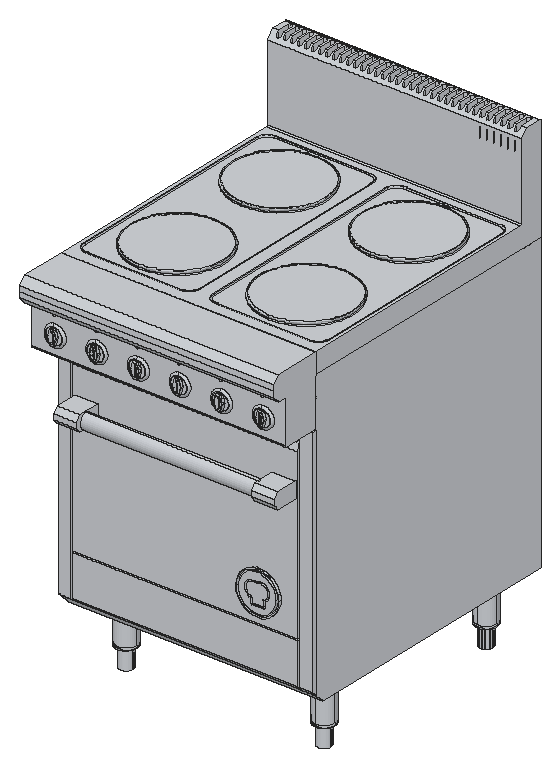
Revit family "1. PE4S20-X", category Generic Models, Revit 2024
Family settings
  Can host rebar = No
  Round Connector Dimension = Use Diameter
  Part Type = Normal
  Work Plane-Based = No
  Always vertical = Yes
  Cut with Voids When Loaded = No
  Maintain Annotation Orientation = No
  Shared = No
  Room Calculation Point = No
Parameters
  Qty = ""
  Item Numbers = ""
  Item Notes = "STATIC"
  Item Model = "PE4S20-X"
  Item Gas Services = ""
  Item Electrical Services = "13.5KW 3PH 400V/50HZ+N+PE"
  Item Description = "800 SERIES 505MM OVEN RANGE"
  Default Elevation = 0 mm
Reference planes
  plane 1 "Center (Front/Back)": y = 0
  plane 2: z = 0
  plane 3 "Center (Left/Right)": x = 0
Forms (mm)
  Extrusion 1, solid
    sketch origin (430, 343.653, 49.9) x (0, -1, 0) y (0, 0, 1)
      loop
        line (218.653, 816.479) -> (218.653, 866.479) -> (-397.847, 866.479)
        arc (-397.847, 866.479) -> (-399.969, 867.357) -> (-400.847, 869.479) r 3
        line (-400.847, 869.479) -> (-400.847, 1052.979) -> (-416.347, 1070.479) -> (-454.347, 1070.479)
        arc (-454.347, 1070.479) -> (-455.762, 1069.893) -> (-456.347, 1068.479) r 2
        line (-456.347, 1068.479) -> (-456.347, 816.479) -> (218.653, 816.479)
    from -180 to 430
  Extrusion 2, solid
    sketch origin (305, 437, 57) x (0, 1, 0) y (0, 0, 1)
      loop
        line (-312, 859.379) -> (-422, 859.379) -> (-437, 842.379) -> (-437, 829.379) -> (-437, 816.379) -> (-422, 799.379) -> (-402, 799.379) -> (-402, 696.879)
        arc (-402, 696.879) -> (-401.268, 695.111) -> (-399.5, 694.379) r 2.5
        line (-399.5, 694.379) -> (-312, 694.379) -> (-312, 859.379)
    from -305 to 305
  Extrusion 3, solid
    sketch origin (305, 399.1, -9) x (1, 0, 0) y (0, 1, 0)
      loop
        line (-305, -274.1) -> (305, -274.1) -> (305, 400.9) -> (-305, 400.9) -> (-305, -274.1)
    from 163.483 to 875.379
  Extrusion 4, solid
    sketch origin (150.456, 431.414, -49) x (1, 0, 0) y (0, 1, 0)
      loop
        circle (392.544, -196.414) r 25
    from 99 to 205.379
  Extrusion 5, solid
    sketch origin (459.544, 431.414, -49) x (-1, 0, 0) y (0, -1, 0)
      loop
        circle (392.544, 196.414) r 25
    from 99 to 205.379
  Extrusion 6, solid
    sketch origin (935.544, 431.414, -40) x (-1, 0, 0) y (0, -1, 0)
      loop
        circle (392.544, 196.414) r 16
    from 40 to 90
  Extrusion 7, solid
    sketch origin (150.456, 525.086, -49) x (1, 0, 0) y (0, 1, 0)
      loop
        circle (392.544, 196.414) r 25
    from 99 to 205.379
  Extrusion 8, solid
    sketch origin (459.544, 525.086, -49) x (-1, 0, 0) y (0, -1, 0)
      loop
        circle (392.544, -196.414) r 25
    from 99 to 205.379
  Extrusion 9, solid
    sketch origin (150.456, 431.414, -49) x (1, 0, 0) y (0, 1, 0)
      loop
        circle (392.544, -196.414) r 25
    from 99 to 205.379
  Extrusion 10, solid
    sketch origin (150.456, 431.414, -40) x (1, 0, 0) y (0, 1, 0)
      loop
        circle (392.544, -196.414) r 15
    from 40 to 90
  Extrusion 11, solid
    sketch origin (150.456, 525.086, -49) x (1, 0, 0) y (0, 1, 0)
      loop
        circle (392.544, 196.414) r 25
    from 99 to 205.379
  Sweep 12, solid
    path in 3D
      loop
        line (95, 115, 693.779) -> (40, 115, 693.779)
    profile origin (67.5, 115, 693.779) x (0, -1, 0) y (0, 0, 1)
      loop
        line (-10, -65.09) -> (-10, -102.969) -> (54.085, -102.969) -> (64, -90.575) -> (64, -77.969) -> (53.697, -65.09) -> (-10, -65.09)
  Sweep 13, solid
    path in 3D
      loop
        line (570, 125, 693.779) -> (515, 125, 693.779)
    profile origin (542.5, 125, 693.779) x (0, -1, 0) y (0, 0, 1)
      loop
        line (0, -65.09) -> (0, -102.969) -> (64.085, -102.969) -> (74, -90.575) -> (74, -77.969) -> (63.697, -65.09) -> (0, -65.09)
  Extrusion 14, solid
    sketch origin (40, 132.957, 693.779) x (0, 0, 1) y (0, 1, 0)
      loop
        line (-102.969, -55) -> (-102.969, -60)
        arc (-102.969, -60) -> (-83.592, -72.406) -> (-65.09, -58.729) r 20.284
        line (-65.09, -58.729) -> (-65.09, -53.515)
        arc (-65.09, -53.515) -> (-83.491, -67.995) -> (-102.969, -55) r 19.939
    from -475 to -55
  Extrusion 15, solid
    sketch origin (305, 455, -134) x (1, 0, 0) y (0, 0, 1)
      loop
        line (-270, 420.379) -> (-270, 310.379) -> (270, 310.379) -> (270, 420.379) -> (-270, 420.379)
    from 330 to 340
  Extrusion 16, solid
    sketch origin (280, 115, 3.5) x (1, 0, 0) y (0, 0, 1)
      loop
        circle (202.199, 355.419) r 45
      loop
        line (192.081, 329.86) -> (216.608, 329.86)
        arc (216.608, 329.86) -> (217.6, 337.59) -> (215.85, 345.185) r 22.133
        arc (215.85, 345.185) -> (225.471, 369.038) -> (200.286, 374.258) r 16.756
        arc (200.286, 374.258) -> (176.689, 363.78) -> (191.796, 342.842) r 16.627
        arc (191.796, 342.842) -> (190.899, 336.328) -> (192.081, 329.86) r 20.797
      loop
        arc (220.004, 324.86) -> (222.463, 333.521) -> (221.952, 342.51) r 27.133
        arc (221.952, 342.51) -> (229.4, 372.246) -> (199.719, 379.912) r 21.756
        arc (199.719, 379.912) -> (172.233, 366.311) -> (185.981, 338.898) r 21.627
        arc (185.981, 338.898) -> (186.405, 331.678) -> (188.815, 324.86) r 25.797
        line (188.815, 324.86) -> (220.004, 324.86)
      loop
        circle (202.199, 355.419) r 50
      loop
        circle (202.199, 355.419) r 52
    from 0 to 5
  Extrusion 17, solid
    sketch origin (5, 125, -9) x (1, 0, 0) y (0, 0, 1)
      loop
        line (-5, 755.379) -> (-5, 185.379) -> (25, 185.379) -> (25, 734.783) -> (575, 734.783) -> (575, 185.379) -> (605, 185.379) -> (605, 755.379) -> (-5, 755.379)
    from 0 to 10
  Extrusion 18, void
    sketch origin (610, 69.1, -9) x (0, -1, 0) y (0, 0, 1)
      loop
        line (-77.796, 163.483) -> (-55.9, 163.483) -> (-55.9, 185.379) -> (-77.796, 163.483)
    from 0 to 610
  Extrusion 19, void
    sketch origin (-1281.434, 396.114, 909.279) x (0, 1, 0) y (1, 0, 0)
      loop
        line (360.052, 1294.634) -> (390.483, 1294.634)
        arc (390.483, 1294.634) -> (396.483, 1300.634) -> (390.483, 1306.634) r 6
        line (390.483, 1306.634) -> (360.052, 1306.634)
        arc (360.052, 1306.634) -> (354.052, 1300.634) -> (360.052, 1294.634) r 6
      loop
        line (360.052, 1311.434) -> (390.483, 1311.434)
        arc (390.483, 1311.434) -> (396.483, 1317.434) -> (390.483, 1323.434) r 6
        line (390.483, 1323.434) -> (360.052, 1323.434)
        arc (360.052, 1323.434) -> (354.052, 1317.434) -> (360.052, 1311.434) r 6
      loop
        line (360.052, 1328.234) -> (390.483, 1328.234)
        arc (390.483, 1328.234) -> (396.483, 1334.234) -> (390.483, 1340.234) r 6
        line (390.483, 1340.234) -> (360.052, 1340.234)
        arc (360.052, 1340.234) -> (354.052, 1334.234) -> (360.052, 1328.234) r 6
      loop
        line (360.052, 1345.034) -> (390.483, 1345.034)
        arc (390.483, 1345.034) -> (396.483, 1351.034) -> (390.483, 1357.034) r 6
        line (390.483, 1357.034) -> (360.052, 1357.034)
        arc (360.052, 1357.034) -> (354.052, 1351.034) -> (360.052, 1345.034) r 6
      loop
        line (360.052, 1362.234) -> (390.483, 1362.234)
        arc (390.483, 1362.234) -> (396.483, 1368.234) -> (390.483, 1374.234) r 6
        line (390.483, 1374.234) -> (360.052, 1374.234)
        arc (360.052, 1374.234) -> (354.052, 1368.234) -> (360.052, 1362.234) r 6
      loop
        line (360.052, 1379.034) -> (390.483, 1379.034)
        arc (390.483, 1379.034) -> (396.483, 1385.034) -> (390.483, 1391.034) r 6
        line (390.483, 1391.034) -> (360.052, 1391.034)
        arc (360.052, 1391.034) -> (354.052, 1385.034) -> (360.052, 1379.034) r 6
      loop
        line (360.052, 1395.834) -> (390.483, 1395.834)
        arc (390.483, 1395.834) -> (396.483, 1401.834) -> (390.483, 1407.834) r 6
        line (390.483, 1407.834) -> (360.052, 1407.834)
        arc (360.052, 1407.834) -> (354.052, 1401.834) -> (360.052, 1395.834) r 6
      loop
        line (360.052, 1412.634) -> (390.483, 1412.634)
        arc (390.483, 1412.634) -> (396.483, 1418.634) -> (390.483, 1424.634) r 6
        line (390.483, 1424.634) -> (360.052, 1424.634)
        arc (360.052, 1424.634) -> (354.052, 1418.634) -> (360.052, 1412.634) r 6
      loop
        line (360.052, 1429.434) -> (390.483, 1429.434)
        arc (390.483, 1429.434) -> (396.483, 1435.434) -> (390.483, 1441.434) r 6
        line (390.483, 1441.434) -> (360.052, 1441.434)
        arc (360.052, 1441.434) -> (354.052, 1435.434) -> (360.052, 1429.434) r 6
      loop
        line (360.052, 1446.234) -> (390.483, 1446.234)
        arc (390.483, 1446.234) -> (396.483, 1452.234) -> (390.483, 1458.234) r 6
        line (390.483, 1458.234) -> (360.052, 1458.234)
        arc (360.052, 1458.234) -> (354.052, 1452.234) -> (360.052, 1446.234) r 6
      loop
        line (360.052, 1463.034) -> (390.483, 1463.034)
        arc (390.483, 1463.034) -> (396.483, 1469.034) -> (390.483, 1475.034) r 6
        line (390.483, 1475.034) -> (360.052, 1475.034)
        arc (360.052, 1475.034) -> (354.052, 1469.034) -> (360.052, 1463.034) r 6
      loop
        line (360.052, 1479.834) -> (390.483, 1479.834)
        arc (390.483, 1479.834) -> (396.483, 1485.834) -> (390.483, 1491.834) r 6
        line (390.483, 1491.834) -> (360.052, 1491.834)
        arc (360.052, 1491.834) -> (354.052, 1485.834) -> (360.052, 1479.834) r 6
      loop
        line (360.052, 1496.634) -> (390.483, 1496.634)
        arc (390.483, 1496.634) -> (396.483, 1502.634) -> (390.483, 1508.634) r 6
        line (390.483, 1508.634) -> (360.052, 1508.634)
        arc (360.052, 1508.634) -> (354.052, 1502.634) -> (360.052, 1496.634) r 6
      loop
        line (360.052, 1513.834) -> (390.483, 1513.834)
        arc (390.483, 1513.834) -> (396.483, 1519.834) -> (390.483, 1525.834) r 6
        line (390.483, 1525.834) -> (360.052, 1525.834)
        arc (360.052, 1525.834) -> (354.052, 1519.834) -> (360.052, 1513.834) r 6
      loop
        line (360.052, 1530.634) -> (390.483, 1530.634)
        arc (390.483, 1530.634) -> (396.483, 1536.634) -> (390.483, 1542.634) r 6
        line (390.483, 1542.634) -> (360.052, 1542.634)
        arc (360.052, 1542.634) -> (354.052, 1536.634) -> (360.052, 1530.634) r 6
      loop
        line (360.052, 1547.434) -> (390.483, 1547.434)
        arc (390.483, 1547.434) -> (396.483, 1553.434) -> (390.483, 1559.434) r 6
        line (390.483, 1559.434) -> (360.052, 1559.434)
        arc (360.052, 1559.434) -> (354.052, 1553.434) -> (360.052, 1547.434) r 6
      loop
        line (360.052, 1564.234) -> (390.483, 1564.234)
        arc (390.483, 1564.234) -> (396.483, 1570.234) -> (390.483, 1576.234) r 6
        line (390.483, 1576.234) -> (360.052, 1576.234)
        arc (360.052, 1576.234) -> (354.052, 1570.234) -> (360.052, 1564.234) r 6
      loop
        line (360.052, 1581.034) -> (390.483, 1581.034)
        arc (390.483, 1581.034) -> (396.483, 1587.034) -> (390.483, 1593.034) r 6
        line (390.483, 1593.034) -> (360.052, 1593.034)
        arc (360.052, 1593.034) -> (354.052, 1587.034) -> (360.052, 1581.034) r 6
      loop
        line (360.052, 1597.834) -> (390.483, 1597.834)
        arc (390.483, 1597.834) -> (396.483, 1603.834) -> (390.483, 1609.834) r 6
        line (390.483, 1609.834) -> (360.052, 1609.834)
        arc (360.052, 1609.834) -> (354.052, 1603.834) -> (360.052, 1597.834) r 6
      loop
        line (360.052, 1614.634) -> (390.483, 1614.634)
        arc (390.483, 1614.634) -> (396.483, 1620.634) -> (390.483, 1626.634) r 6
        line (390.483, 1626.634) -> (360.052, 1626.634)
        arc (360.052, 1626.634) -> (354.052, 1620.634) -> (360.052, 1614.634) r 6
      loop
        line (360.052, 1631.434) -> (390.483, 1631.434)
        arc (390.483, 1631.434) -> (396.483, 1637.434) -> (390.483, 1643.434) r 6
        line (390.483, 1643.434) -> (360.052, 1643.434)
        arc (360.052, 1643.434) -> (354.052, 1637.434) -> (360.052, 1631.434) r 6
      loop
        line (360.052, 1648.234) -> (390.483, 1648.234)
        arc (390.483, 1648.234) -> (396.483, 1654.234) -> (390.483, 1660.234) r 6
        line (390.483, 1660.234) -> (360.052, 1660.234)
        arc (360.052, 1660.234) -> (354.052, 1654.234) -> (360.052, 1648.234) r 6
      loop
        line (360.052, 1665.434) -> (390.483, 1665.434)
        arc (390.483, 1665.434) -> (396.483, 1671.434) -> (390.483, 1677.434) r 6
        line (390.483, 1677.434) -> (360.052, 1677.434)
        arc (360.052, 1677.434) -> (354.052, 1671.434) -> (360.052, 1665.434) r 6
      loop
        line (360.052, 1682.234) -> (390.483, 1682.234)
        arc (390.483, 1682.234) -> (396.483, 1688.234) -> (390.483, 1694.234) r 6
        line (390.483, 1694.234) -> (360.052, 1694.234)
        arc (360.052, 1694.234) -> (354.052, 1688.234) -> (360.052, 1682.234) r 6
      loop
        line (360.052, 1699.034) -> (390.483, 1699.034)
        arc (390.483, 1699.034) -> (396.483, 1705.034) -> (390.483, 1711.034) r 6
        line (390.483, 1711.034) -> (360.052, 1711.034)
        arc (360.052, 1711.034) -> (354.052, 1705.034) -> (360.052, 1699.034) r 6
      loop
        line (360.052, 1715.834) -> (390.483, 1715.834)
        arc (390.483, 1715.834) -> (396.483, 1721.834) -> (390.483, 1727.834) r 6
        line (390.483, 1727.834) -> (360.052, 1727.834)
        arc (360.052, 1727.834) -> (354.052, 1721.834) -> (360.052, 1715.834) r 6
      loop
        line (360.052, 1732.634) -> (390.483, 1732.634)
        arc (390.483, 1732.634) -> (396.483, 1738.634) -> (390.483, 1744.634) r 6
        line (390.483, 1744.634) -> (360.052, 1744.634)
        arc (360.052, 1744.634) -> (354.052, 1738.634) -> (360.052, 1732.634) r 6
      loop
        line (360.052, 1749.434) -> (390.483, 1749.434)
        arc (390.483, 1749.434) -> (396.483, 1755.434) -> (390.483, 1761.434) r 6
        line (390.483, 1761.434) -> (360.052, 1761.434)
        arc (360.052, 1761.434) -> (354.052, 1755.434) -> (360.052, 1749.434) r 6
      loop
        line (360.052, 1766.234) -> (390.483, 1766.234)
        arc (390.483, 1766.234) -> (396.483, 1772.234) -> (390.483, 1778.234) r 6
        line (390.483, 1778.234) -> (360.052, 1778.234)
        arc (360.052, 1778.234) -> (354.052, 1772.234) -> (360.052, 1766.234) r 6
      loop
        line (360.052, 1783.434) -> (390.483, 1783.434)
        arc (390.483, 1783.434) -> (396.483, 1789.434) -> (390.483, 1795.434) r 6
        line (390.483, 1795.434) -> (360.052, 1795.434)
        arc (360.052, 1795.434) -> (354.052, 1789.434) -> (360.052, 1783.434) r 6
      loop
        line (360.052, 1800.234) -> (390.483, 1800.234)
        arc (390.483, 1800.234) -> (396.483, 1806.234) -> (390.483, 1812.234) r 6
        line (390.483, 1812.234) -> (360.052, 1812.234)
        arc (360.052, 1812.234) -> (354.052, 1806.234) -> (360.052, 1800.234) r 6
      loop
        line (360.052, 1817.034) -> (390.483, 1817.034)
        arc (390.483, 1817.034) -> (396.483, 1823.034) -> (390.483, 1829.034) r 6
        line (390.483, 1829.034) -> (360.052, 1829.034)
        arc (360.052, 1829.034) -> (354.052, 1823.034) -> (360.052, 1817.034) r 6
      loop
        line (360.052, 1833.834) -> (390.483, 1833.834)
        arc (390.483, 1833.834) -> (396.483, 1839.834) -> (390.483, 1845.834) r 6
        line (390.483, 1845.834) -> (360.052, 1845.834)
        arc (360.052, 1845.834) -> (354.052, 1839.834) -> (360.052, 1833.834) r 6
      loop
        line (360.052, 1850.634) -> (390.483, 1850.634)
        arc (390.483, 1850.634) -> (396.483, 1856.634) -> (390.483, 1862.634) r 6
        line (390.483, 1862.634) -> (360.052, 1862.634)
        arc (360.052, 1862.634) -> (354.052, 1856.634) -> (360.052, 1850.634) r 6
      loop
        line (360.052, 1867.434) -> (390.483, 1867.434)
        arc (390.483, 1867.434) -> (396.483, 1873.434) -> (390.483, 1879.434) r 6
        line (390.483, 1879.434) -> (360.052, 1879.434)
        arc (360.052, 1879.434) -> (354.052, 1873.434) -> (360.052, 1867.434) r 6
    from -215.172 to -155.9
  Extrusion 20, void
    sketch origin (610, 125, 156.379) x (0, 0, -1) y (0, -1, 0)
      loop
        line (-20, 0) -> (-20, 10) -> (-30, 10) -> (-20, 0)
    from 0 to 610
  Sweep 21, solid
    path in 3D
      loop
        arc (568, 235, 50) -> (543, 260, 50) -> (518, 235, 50) r 25
        arc (518, 235, 50) -> (543, 210, 50) -> (568, 235, 50) r 25
    profile origin (543, 210, 50) x (0, -1, 0) y (0, 0, -1)
      loop
        line (0, 0) -> (0, -4) -> (1, -4) -> (1, 0.425)
        arc (1, 0.425) -> (0.832, 0.832) -> (0.425, 1) r 0.575
        line (0.425, 1) -> (-9, 1) -> (-9, 50) -> (-10, 50) -> (-10, 0) -> (0, 0)
  Sweep 22, solid
    path in 3D
      loop
        arc (92, 235, 156.379) -> (67, 210, 156.379) -> (42, 235, 156.379) r 25
        arc (42, 235, 156.379) -> (67, 260, 156.379) -> (92, 235, 156.379) r 25
    profile origin (67, 260, 156.379) x (0, 1, 0) y (0, 0, 1)
      loop
        line (0, -1.896) -> (0, -4.896) -> (1, -4.896) -> (1, -3.957)
        arc (1, -3.957) -> (1.303, -3.224) -> (2.036, -2.92) r 1.036
        line (2.036, -2.92) -> (2.988, -2.92) -> (2.988, -1.896) -> (1, -1.896) -> (0, -1.896)
  Sweep 23, solid
    path in 3D
      loop
        arc (92, 721.5, 156.379) -> (67, 696.5, 156.379) -> (42, 721.5, 156.379) r 25
        arc (42, 721.5, 156.379) -> (67, 746.5, 156.379) -> (92, 721.5, 156.379) r 25
    profile origin (67, 746.5, 156.379) x (0, 1, 0) y (0, 0, 1)
      loop
        line (0, -1.896) -> (0, -4.896) -> (1, -4.896) -> (1, -3.957)
        arc (1, -3.957) -> (1.303, -3.224) -> (2.036, -2.92) r 1.036
        line (2.036, -2.92) -> (2.988, -2.92) -> (2.988, -1.896) -> (1, -1.896) -> (0, -1.896)
  Sweep 24, solid
    path in 3D
      loop
        arc (568, 721.5, 156.379) -> (543, 696.5, 156.379) -> (518, 721.5, 156.379) r 25
        arc (518, 721.5, 156.379) -> (543, 746.5, 156.379) -> (568, 721.5, 156.379) r 25
    profile origin (543, 746.5, 156.379) x (0, 1, 0) y (0, 0, 1)
      loop
        line (0, -1.896) -> (0, -4.896) -> (1, -4.896) -> (1, -3.957)
        arc (1, -3.957) -> (1.303, -3.224) -> (2.036, -2.92) r 1.036
        line (2.036, -2.92) -> (2.988, -2.92) -> (2.988, -1.896) -> (1, -1.896) -> (0, -1.896)
  Sweep 25, solid
    path in 3D
      loop
        arc (568, 235, 156.379) -> (543, 210, 156.379) -> (518, 235, 156.379) r 25
        arc (518, 235, 156.379) -> (543, 260, 156.379) -> (568, 235, 156.379) r 25
    profile origin (543, 260, 156.379) x (0, 1, 0) y (0, 0, 1)
      loop
        line (0, -1.896) -> (0, -4.896) -> (1, -4.896) -> (1, -3.957)
        arc (1, -3.957) -> (1.303, -3.224) -> (2.036, -2.92) r 1.036
        line (2.036, -2.92) -> (2.988, -2.92) -> (2.988, -1.896) -> (1, -1.896) -> (0, -1.896)
  Extrusion 26, void
    sketch origin (430, 69.1, 916.379) x (-1, 0, 0) y (0, 1, 0)
      loop
        arc (420, 628.523) -> (412.678, 646.201) -> (395, 653.523) r 25
        line (395, 653.523) -> (166, 653.523)
        arc (166, 653.523) -> (148.322, 646.201) -> (141, 628.523) r 25
        line (141, 628.523) -> (141, 108.9)
        arc (141, 108.9) -> (148.322, 91.222) -> (166, 83.9) r 25
        line (166, 83.9) -> (395, 83.9)
        arc (395, 83.9) -> (412.678, 91.222) -> (420, 108.9) r 25
        line (420, 108.9) -> (420, 628.523)
      loop
        arc (109, 628.523) -> (101.678, 646.201) -> (84, 653.523) r 25
        line (84, 653.523) -> (-145, 653.523)
        arc (-145, 653.523) -> (-162.678, 646.201) -> (-170, 628.523) r 25
        line (-170, 628.523) -> (-170, 108.9)
        arc (-170, 108.9) -> (-162.678, 91.222) -> (-145, 83.9) r 25
        line (-145, 83.9) -> (84, 83.9)
        arc (84, 83.9) -> (101.678, 91.222) -> (109, 108.9) r 25
        line (109, 108.9) -> (109, 628.523)
    from 0 to 2.5
  Sweep 27, solid
    path in 3D
      loop
        arc (10, 178, 913.879) -> (17.322, 160.322, 913.879) -> (35, 153, 913.879) r 25
        line (35, 153, 913.879) -> (264, 153, 913.879)
        arc (264, 153, 913.879) -> (281.678, 160.322, 913.879) -> (289, 178, 913.879) r 25
        line (289, 178, 913.879) -> (289, 697.623, 913.879)
        arc (289, 697.623, 913.879) -> (281.678, 715.301, 913.879) -> (264, 722.623, 913.879) r 25
        line (264, 722.623, 913.879) -> (35, 722.623, 913.879)
        arc (35, 722.623, 913.879) -> (17.322, 715.301, 913.879) -> (10, 697.623, 913.879) r 25
        line (10, 697.623, 913.879) -> (10, 178, 913.879)
    profile origin (10, 437.812, 913.879) x (1, 0, 0) y (0, 0, 1)
      loop
        line (0, 0) -> (2.5, 0)
        arc (2.5, 0) -> (1.768, 1.768) -> (0, 2.5) r 2.5
        line (0, 2.5) -> (0, 0)
  Extrusion 28, solid
    sketch origin (305, 35, 856.379) x (0, 0, -1) y (1, 0, 0)
      loop
        circle (13.212, 250) r 3.5
      loop
        circle (13.212, 150) r 3.5
      loop
        circle (13.212, 50) r 3.5
      loop
        circle (13.212, -150) r 3.5
      loop
        circle (13.212, -250) r 3.5
      loop
        circle (13.212, -50) r 3.5
    from 0 to 1.5
  Extrusion 29, solid
    sketch origin (233.935, 35, 853.656) x (0, 0, -1) y (1, 0, 0)
      loop
        circle (56.733, 322.594) r 20
    from 0 to 5
  Sweep 30, solid
    path in 3D
      loop
        arc (556.529, 35, 776.923) -> (576.529, 35, 796.923) -> (556.529, 35, 816.923) r 20
        arc (556.529, 35, 816.923) -> (536.529, 35, 796.923) -> (556.529, 35, 776.923) r 20
    profile origin (536.529, 35, 796.923) x (0, 1, 0) y (-1, 0, 0)
      loop
        line (0, 0) -> (0, 5)
        arc (0, 5) -> (-3.536, 3.536) -> (-5, 0) r 5
        line (-5, 0) -> (0, 0)
  Extrusion 31, solid
    sketch origin (133.935, 35, 853.656) x (0, 0, -1) y (1, 0, 0)
      loop
        circle (56.733, 322.594) r 20
    from 0 to 5
  Sweep 32, solid
    path in 3D
      loop
        arc (456.529, 35, 776.923) -> (476.529, 35, 796.923) -> (456.529, 35, 816.923) r 20
        arc (456.529, 35, 816.923) -> (436.529, 35, 796.923) -> (456.529, 35, 776.923) r 20
    profile origin (436.529, 35, 796.923) x (0, 1, 0) y (-1, 0, 0)
      loop
        line (0, 0) -> (0, 5)
        arc (0, 5) -> (-3.536, 3.536) -> (-5, 0) r 5
        line (-5, 0) -> (0, 0)
  Extrusion 33, solid
    sketch origin (33.935, 35, 853.656) x (0, 0, -1) y (1, 0, 0)
      loop
        circle (56.733, 322.594) r 20
    from 0 to 5
  Sweep 34, solid
    path in 3D
      loop
        arc (356.529, 35, 776.923) -> (376.529, 35, 796.923) -> (356.529, 35, 816.923) r 20
        arc (356.529, 35, 816.923) -> (336.529, 35, 796.923) -> (356.529, 35, 776.923) r 20
    profile origin (336.529, 35, 796.923) x (0, 1, 0) y (-1, 0, 0)
      loop
        line (0, 0) -> (0, 5)
        arc (0, 5) -> (-3.536, 3.536) -> (-5, 0) r 5
        line (-5, 0) -> (0, 0)
  Extrusion 35, solid
    sketch origin (-66.065, 35, 853.656) x (0, 0, -1) y (1, 0, 0)
      loop
        circle (56.733, 322.594) r 20
    from 0 to 5
  Sweep 36, solid
    path in 3D
      loop
        arc (256.529, 35, 776.923) -> (276.529, 35, 796.923) -> (256.529, 35, 816.923) r 20
        arc (256.529, 35, 816.923) -> (236.529, 35, 796.923) -> (256.529, 35, 776.923) r 20
    profile origin (236.529, 35, 796.923) x (0, 1, 0) y (-1, 0, 0)
      loop
        line (0, 0) -> (0, 5)
        arc (0, 5) -> (-3.536, 3.536) -> (-5, 0) r 5
        line (-5, 0) -> (0, 0)
  Extrusion 37, solid
    sketch origin (-166.065, 35, 853.656) x (0, 0, -1) y (1, 0, 0)
      loop
        circle (56.733, 322.594) r 20
    from 0 to 5
  Sweep 38, solid
    path in 3D
      loop
        arc (156.529, 35, 776.923) -> (176.529, 35, 796.923) -> (156.529, 35, 816.923) r 20
        arc (156.529, 35, 816.923) -> (136.529, 35, 796.923) -> (156.529, 35, 776.923) r 20
    profile origin (136.529, 35, 796.923) x (0, 1, 0) y (-1, 0, 0)
      loop
        line (0, 0) -> (0, 5)
        arc (0, 5) -> (-3.536, 3.536) -> (-5, 0) r 5
        line (-5, 0) -> (0, 0)
  Extrusion 39, solid
    sketch origin (-266.065, 35, 853.656) x (0, 0, -1) y (1, 0, 0)
      loop
        circle (56.733, 322.594) r 20
    from 0 to 5
  Sweep 40, solid
    path in 3D
      loop
        arc (56.529, 35, 776.923) -> (76.529, 35, 796.923) -> (56.529, 35, 816.923) r 20
        arc (56.529, 35, 816.923) -> (36.529, 35, 796.923) -> (56.529, 35, 776.923) r 20
    profile origin (36.529, 35, 796.923) x (0, 1, 0) y (-1, 0, 0)
      loop
        line (0, 0) -> (0, 5)
        arc (0, 5) -> (-3.536, 3.536) -> (-5, 0) r 5
        line (-5, 0) -> (0, 0)
  Extrusion 41, solid
    sketch origin (233.935, 30, 853.656) x (0, 0, -1) y (1, 0, 0)
      loop
        line (74.233, 317.437) -> (74.233, 327.75)
        arc (74.233, 327.75) -> (74.106, 328.12) -> (73.779, 328.333) r 0.6
        line (73.779, 328.333) -> (56.733, 332.594) -> (39.688, 328.333)
        arc (39.688, 328.333) -> (39.36, 328.12) -> (39.233, 327.75) r 0.6
        line (39.233, 327.75) -> (39.233, 317.437)
        arc (39.233, 317.437) -> (39.36, 317.068) -> (39.688, 316.855) r 0.6
        line (39.688, 316.855) -> (56.733, 312.594) -> (73.779, 316.855)
        arc (73.779, 316.855) -> (74.106, 317.068) -> (74.233, 317.437) r 0.6
    from 0 to 6
  Sweep 42, void
    path in 3D
      loop
        line (550.904, 24, 814.423) -> (546.529, 24, 796.923) -> (550.904, 24, 779.423) -> (562.154, 24, 779.423) -> (566.529, 24, 796.923) -> (562.154, 24, 814.423) -> (550.904, 24, 814.423)
    profile origin (556.529, 24, 814.423) x (0, -1, 0) y (0, 0, 1)
      loop
        line (0, 0) -> (-1, 0)
        arc (-1, 0) -> (-0.293, -0.293) -> (0, -1) r 1
        line (0, -1) -> (0, 0)
  Extrusion 43, void
    sketch origin (233.935, 30, 853.656) x (0, 0, -1) y (1, 0, 0)
      loop
        line (69.233, 322.594) -> (69.233, 324.094) -> (49.233, 324.094) -> (49.233, 321.094) -> (69.233, 321.094) -> (69.233, 322.594)
      loop
        circle (44.522, 322.483) r 1.5
    from 5 to 6
  Extrusion 44, solid
    sketch origin (233.935, 24, 853.656) x (0, 0, -1) y (1, 0, 0)
      loop
        line (49.233, 321.094) -> (69.233, 321.094) -> (69.233, 324.094) -> (49.233, 324.094) -> (49.233, 321.094)
      loop
        circle (44.522, 322.483) r 1.5
    from 0 to -1.5
  Extrusion 45, solid
    sketch origin (133.935, 30, 853.656) x (0, 0, -1) y (1, 0, 0)
      loop
        line (74.233, 317.437) -> (74.233, 327.75)
        arc (74.233, 327.75) -> (74.106, 328.12) -> (73.779, 328.333) r 0.6
        line (73.779, 328.333) -> (56.733, 332.594) -> (39.688, 328.333)
        arc (39.688, 328.333) -> (39.36, 328.12) -> (39.233, 327.75) r 0.6
        line (39.233, 327.75) -> (39.233, 317.437)
        arc (39.233, 317.437) -> (39.36, 317.068) -> (39.688, 316.855) r 0.6
        line (39.688, 316.855) -> (56.733, 312.594) -> (73.779, 316.855)
        arc (73.779, 316.855) -> (74.106, 317.068) -> (74.233, 317.437) r 0.6
    from 0 to 6
  Sweep 46, void
    path in 3D
      loop
        line (450.904, 24, 814.423) -> (446.529, 24, 796.923) -> (450.904, 24, 779.423) -> (462.154, 24, 779.423) -> (466.529, 24, 796.923) -> (462.154, 24, 814.423) -> (450.904, 24, 814.423)
    profile origin (456.529, 24, 814.423) x (0, -1, 0) y (0, 0, 1)
      loop
        line (0, 0) -> (-1, 0)
        arc (-1, 0) -> (-0.293, -0.293) -> (0, -1) r 1
        line (0, -1) -> (0, 0)
  Extrusion 47, void
    sketch origin (133.932, 30, 853.451) x (0, 0, 1) y (1, 0, 0)
      loop
        line (-69.233, 322.594) -> (-69.233, 321.094) -> (-49.233, 321.094) -> (-49.233, 324.094) -> (-69.233, 324.094) -> (-69.233, 322.594)
      loop
        circle (-44.522, 322.483) r 1.5
    from 5 to 6
  Extrusion 48, solid
    sketch origin (133.935, 24, 853.656) x (0, 0, -1) y (1, 0, 0)
      loop
        line (49.233, 321.094) -> (69.233, 321.094) -> (69.233, 324.094) -> (49.233, 324.094) -> (49.233, 321.094)
      loop
        circle (44.522, 322.483) r 1.5
    from 0 to -1.5
  Extrusion 49, solid
    sketch origin (33.935, 30, 853.656) x (0, 0, -1) y (1, 0, 0)
      loop
        line (74.233, 317.437) -> (74.233, 327.75)
        arc (74.233, 327.75) -> (74.106, 328.12) -> (73.779, 328.333) r 0.6
        line (73.779, 328.333) -> (56.733, 332.594) -> (39.688, 328.333)
        arc (39.688, 328.333) -> (39.36, 328.12) -> (39.233, 327.75) r 0.6
        line (39.233, 327.75) -> (39.233, 317.437)
        arc (39.233, 317.437) -> (39.36, 317.068) -> (39.688, 316.855) r 0.6
        line (39.688, 316.855) -> (56.733, 312.594) -> (73.779, 316.855)
        arc (73.779, 316.855) -> (74.106, 317.068) -> (74.233, 317.437) r 0.6
    from 0 to 6
  Sweep 50, void
    path in 3D
      loop
        line (350.904, 24, 814.423) -> (346.529, 24, 796.923) -> (350.904, 24, 779.423) -> (362.154, 24, 779.423) -> (366.529, 24, 796.923) -> (362.154, 24, 814.423) -> (350.904, 24, 814.423)
    profile origin (356.529, 24, 814.423) x (0, -1, 0) y (0, 0, 1)
      loop
        line (0, 0) -> (-1, 0)
        arc (-1, 0) -> (-0.293, -0.293) -> (0, -1) r 1
        line (0, -1) -> (0, 0)
  Extrusion 51, void
    sketch origin (33.966, 30, 853.565) x (0, 0, 1) y (1, 0, 0)
      loop
        line (-69.233, 322.594) -> (-69.233, 321.094) -> (-49.233, 321.094) -> (-49.233, 324.094) -> (-69.233, 324.094) -> (-69.233, 322.594)
      loop
        circle (-44.522, 322.483) r 1.5
    from 5 to 6
  Extrusion 52, solid
    sketch origin (33.935, 24, 853.656) x (0, 0, -1) y (1, 0, 0)
      loop
        line (49.233, 321.094) -> (69.233, 321.094) -> (69.233, 324.094) -> (49.233, 324.094) -> (49.233, 321.094)
      loop
        circle (44.522, 322.483) r 1.5
    from 0 to -1.5
  Extrusion 53, solid
    sketch origin (-66.065, 30, 853.656) x (0, 0, -1) y (1, 0, 0)
      loop
        line (74.233, 317.437) -> (74.233, 327.75)
        arc (74.233, 327.75) -> (74.106, 328.12) -> (73.779, 328.333) r 0.6
        line (73.779, 328.333) -> (56.733, 332.594) -> (39.688, 328.333)
        arc (39.688, 328.333) -> (39.36, 328.12) -> (39.233, 327.75) r 0.6
        line (39.233, 327.75) -> (39.233, 317.437)
        arc (39.233, 317.437) -> (39.36, 317.068) -> (39.688, 316.855) r 0.6
        line (39.688, 316.855) -> (56.733, 312.594) -> (73.779, 316.855)
        arc (73.779, 316.855) -> (74.106, 317.068) -> (74.233, 317.437) r 0.6
    from 0 to 6
  Sweep 54, void
    path in 3D
      loop
        line (250.904, 24, 814.423) -> (246.529, 24, 796.923) -> (250.904, 24, 779.423) -> (262.154, 24, 779.423) -> (266.529, 24, 796.923) -> (262.154, 24, 814.423) -> (250.904, 24, 814.423)
    profile origin (256.529, 24, 814.423) x (0, -1, 0) y (0, 0, 1)
      loop
        line (0, 0) -> (-1, 0)
        arc (-1, 0) -> (-0.293, -0.293) -> (0, -1) r 1
        line (0, -1) -> (0, 0)
  Extrusion 55, void
    sketch origin (448.905, 30, 822.605) x (0, 0, 1) y (1, 0, 0)
      loop
        line (-38.106, -192.435) -> (-38.106, -193.935) -> (-18.106, -193.935) -> (-18.106, -190.935) -> (-38.106, -190.935) -> (-38.106, -192.435)
      loop
        circle (-13.394, -192.324) r 1.5
    from 5 to 6
  Extrusion 56, solid
    sketch origin (-66.065, 24, 853.656) x (0, 0, -1) y (1, 0, 0)
      loop
        line (49.233, 321.094) -> (69.233, 321.094) -> (69.233, 324.094) -> (49.233, 324.094) -> (49.233, 321.094)
      loop
        circle (44.522, 322.483) r 1.5
    from 0 to -1.5
  Extrusion 57, solid
    sketch origin (-166.065, 30, 853.656) x (0, 0, -1) y (1, 0, 0)
      loop
        line (74.233, 317.437) -> (74.233, 327.75)
        arc (74.233, 327.75) -> (74.106, 328.12) -> (73.779, 328.333) r 0.6
        line (73.779, 328.333) -> (56.733, 332.594) -> (39.688, 328.333)
        arc (39.688, 328.333) -> (39.36, 328.12) -> (39.233, 327.75) r 0.6
        line (39.233, 327.75) -> (39.233, 317.437)
        arc (39.233, 317.437) -> (39.36, 317.068) -> (39.688, 316.855) r 0.6
        line (39.688, 316.855) -> (56.733, 312.594) -> (73.779, 316.855)
        arc (73.779, 316.855) -> (74.106, 317.068) -> (74.233, 317.437) r 0.6
    from 0 to 6
  Sweep 58, void
    path in 3D
      loop
        line (150.904, 24, 814.423) -> (146.529, 24, 796.923) -> (150.904, 24, 779.423) -> (162.154, 24, 779.423) -> (166.529, 24, 796.923) -> (162.154, 24, 814.423) -> (150.904, 24, 814.423)
    profile origin (156.529, 24, 814.423) x (0, -1, 0) y (0, 0, 1)
      loop
        line (0, 0) -> (-1, 0)
        arc (-1, 0) -> (-0.293, -0.293) -> (0, -1) r 1
        line (0, -1) -> (0, 0)
  Extrusion 59, void
    sketch origin (-166.1, 30, 853.666) x (0, 0, 1) y (1, 0, 0)
      loop
        line (-69.233, 322.594) -> (-69.233, 321.094) -> (-49.233, 321.094) -> (-49.233, 324.094) -> (-69.233, 324.094) -> (-69.233, 322.594)
      loop
        circle (-44.522, 322.483) r 1.5
    from 5 to 6
  Extrusion 60, solid
    sketch origin (-166.065, 24, 853.656) x (0, 0, -1) y (1, 0, 0)
      loop
        line (49.233, 321.094) -> (69.233, 321.094) -> (69.233, 324.094) -> (49.233, 324.094) -> (49.233, 321.094)
      loop
        circle (44.522, 322.483) r 1.5
    from 0 to -1.5
  Extrusion 61, solid
    sketch origin (-266.065, 30, 853.656) x (0, 0, -1) y (1, 0, 0)
      loop
        line (74.233, 317.437) -> (74.233, 327.75)
        arc (74.233, 327.75) -> (74.106, 328.12) -> (73.779, 328.333) r 0.6
        line (73.779, 328.333) -> (56.733, 332.594) -> (39.688, 328.333)
        arc (39.688, 328.333) -> (39.36, 328.12) -> (39.233, 327.75) r 0.6
        line (39.233, 327.75) -> (39.233, 317.437)
        arc (39.233, 317.437) -> (39.36, 317.068) -> (39.688, 316.855) r 0.6
        line (39.688, 316.855) -> (56.733, 312.594) -> (73.779, 316.855)
        arc (73.779, 316.855) -> (74.106, 317.068) -> (74.233, 317.437) r 0.6
    from 0 to 6
  Sweep 62, void
    path in 3D
      loop
        line (50.904, 24, 814.423) -> (46.529, 24, 796.923) -> (50.904, 24, 779.423) -> (62.154, 24, 779.423) -> (66.529, 24, 796.923) -> (62.154, 24, 814.423) -> (50.904, 24, 814.423)
    profile origin (56.529, 24, 814.423) x (0, -1, 0) y (0, 0, 1)
      loop
        line (0, 0) -> (-1, 0)
        arc (-1, 0) -> (-0.293, -0.293) -> (0, -1) r 1
        line (0, -1) -> (0, 0)
  Extrusion 63, void
    sketch origin (-265.948, 30, 853.536) x (0, 0, 1) y (1, 0, 0)
      loop
        line (-69.233, 322.594) -> (-69.233, 321.094) -> (-49.233, 321.094) -> (-49.233, 324.094) -> (-69.233, 324.094) -> (-69.233, 322.594)
      loop
        circle (-44.522, 322.483) r 1.5
    from 5 to 6
  Extrusion 64, solid
    sketch origin (-266.065, 24, 853.656) x (0, 0, -1) y (1, 0, 0)
      loop
        line (49.233, 321.094) -> (69.233, 321.094) -> (69.233, 324.094) -> (49.233, 324.094) -> (49.233, 321.094)
      loop
        circle (44.522, 322.483) r 1.5
    from 0 to -1.5
  Extrusion 65, solid
    sketch origin (575, 455, 650.872) x (0, 0, -1) y (0, 1, 0)
      loop
        line (359.493, -340) -> (359.493, -330) -> (-69.912, -330) -> (-69.912, -341.766) -> (-64.912, -341.766) -> (-64.912, -334.104) -> (-42.907, -340) -> (359.493, -340)
    from -540 to 0
  Extrusion 66, solid
    sketch origin (935.544, 917.914, -40) x (-1, 0, 0) y (0, -1, 0)
      loop
        circle (392.544, 196.414) r 16
    from 40 to 90
  Extrusion 67, solid
    sketch origin (150.456, 917.914, -40) x (1, 0, 0) y (0, 1, 0)
      loop
        circle (392.544, -196.414) r 15
    from 40 to 90
  Sweep 68, solid
    path in 3D
      loop
        arc (568, 721.5, 50) -> (543, 746.5, 50) -> (518, 721.5, 50) r 25
        arc (518, 721.5, 50) -> (543, 696.5, 50) -> (568, 721.5, 50) r 25
    profile origin (543, 696.5, 50) x (0, -1, 0) y (0, 0, -1)
      loop
        line (0, 0) -> (0, -4) -> (1, -4) -> (1, 0.425)
        arc (1, 0.425) -> (0.832, 0.832) -> (0.425, 1) r 0.575
        line (0.425, 1) -> (-9, 1) -> (-9, 50) -> (-10, 50) -> (-10, 0) -> (0, 0)
  Extrusion 69, solid
    sketch origin (459.544, 917.914, -40) x (-1, 0, 0) y (0, -1, 0)
      loop
        circle (392.544, 196.414) r 16
    from 40 to 90
  Extrusion 70, solid
    sketch origin (-325.544, 917.914, -40) x (1, 0, 0) y (0, 1, 0)
      loop
        circle (392.544, -196.414) r 15
    from 40 to 90
  Sweep 71, solid
    path in 3D
      loop
        arc (92, 721.5, 50) -> (67, 746.5, 50) -> (42, 721.5, 50) r 25
        arc (42, 721.5, 50) -> (67, 696.5, 50) -> (92, 721.5, 50) r 25
    profile origin (67, 696.5, 50) x (0, -1, 0) y (0, 0, -1)
      loop
        line (0, 0) -> (0, -4) -> (1, -4) -> (1, 0.425)
        arc (1, 0.425) -> (0.832, 0.832) -> (0.425, 1) r 0.575
        line (0.425, 1) -> (-9, 1) -> (-9, 50) -> (-10, 50) -> (-10, 0) -> (0, 0)
  Extrusion 72, solid
    sketch origin (459.544, 431.414, -40) x (-1, 0, 0) y (0, -1, 0)
      loop
        circle (392.544, 196.414) r 16
    from 40 to 90
  Extrusion 73, solid
    sketch origin (-325.544, 431.414, -40) x (1, 0, 0) y (0, 1, 0)
      loop
        circle (392.544, -196.414) r 15
    from 40 to 90
  Sweep 74, solid
    path in 3D
      loop
        arc (92, 235, 50) -> (67, 260, 50) -> (42, 235, 50) r 25
        arc (42, 235, 50) -> (67, 210, 50) -> (92, 235, 50) r 25
    profile origin (67, 210, 50) x (0, -1, 0) y (0, 0, -1)
      loop
        line (0, 0) -> (0, -4) -> (1, -4) -> (1, 0.425)
        arc (1, 0.425) -> (0.832, 0.832) -> (0.425, 1) r 0.575
        line (0.425, 1) -> (-9, 1) -> (-9, 50) -> (-10, 50) -> (-10, 0) -> (0, 0)
  Sweep 75, solid
    path in 3D
      loop
        arc (321, 178, 913.879) -> (328.322, 160.322, 913.879) -> (346, 153, 913.879) r 25
        line (346, 153, 913.879) -> (575, 153, 913.879)
        arc (575, 153, 913.879) -> (592.678, 160.322, 913.879) -> (600, 178, 913.879) r 25
        line (600, 178, 913.879) -> (600, 697.623, 913.879)
        arc (600, 697.623, 913.879) -> (592.678, 715.301, 913.879) -> (575, 722.623, 913.879) r 25
        line (575, 722.623, 913.879) -> (346, 722.623, 913.879)
        arc (346, 722.623, 913.879) -> (328.322, 715.301, 913.879) -> (321, 697.623, 913.879) r 25
        line (321, 697.623, 913.879) -> (321, 178, 913.879)
    profile origin (321, 437.812, 913.879) x (1, 0, 0) y (0, 0, 1)
      loop
        line (0, 0) -> (2.5, 0)
        arc (2.5, 0) -> (1.768, 1.768) -> (0, 2.5) r 2.5
        line (0, 2.5) -> (0, 0)
  Extrusion 76, solid
    sketch origin (326, 385, 913.879) x (-1, 0, 0) y (0, 1, 0)
      loop
        circle (-134.5, -101) r 111
    from 0 to -2.468
  Sweep 77, solid
    path in 3D
      loop
        arc (460.5, 395, 916.347) -> (571.5, 284, 916.347) -> (460.5, 173, 916.347) r 111
        arc (460.5, 173, 916.347) -> (349.5, 284, 916.347) -> (460.5, 395, 916.347) r 111
    profile origin (349.5, 284, 916.347) x (-1, 0, 0) y (0, 0, 1)
      loop
        line (0, 0.032) -> (0, -2.468) -> (2.5, -2.468)
        arc (2.5, -2.468) -> (1.768, -0.701) -> (0, 0.032) r 2.5
  Extrusion 78, solid
    sketch origin (326, 385, 916.347) x (-1, 0, 0) y (0, -1, 0)
      loop
        circle (-134.5, 101) r 111
    from 0 to 5
  Extrusion 79, solid
    sketch origin (326, 692.623, 913.879) x (-1, 0, 0) y (0, 1, 0)
      loop
        circle (-134.5, -101) r 111
    from 0 to -2.468
  Sweep 80, solid
    path in 3D
      loop
        arc (460.5, 702.623, 916.347) -> (571.5, 591.623, 916.347) -> (460.5, 480.623, 916.347) r 111
        arc (460.5, 480.623, 916.347) -> (349.5, 591.623, 916.347) -> (460.5, 702.623, 916.347) r 111
    profile origin (349.5, 591.623, 916.347) x (-1, 0, 0) y (0, 0, 1)
      loop
        line (0, 0.032) -> (0, -2.468) -> (2.5, -2.468)
        arc (2.5, -2.468) -> (1.768, -0.701) -> (0, 0.032) r 2.5
  Extrusion 81, solid
    sketch origin (15, 692.623, 913.879) x (-1, 0, 0) y (0, 1, 0)
      loop
        circle (-134.5, -101) r 111
    from 0 to -2.468
  Sweep 82, solid
    path in 3D
      loop
        arc (149.5, 702.623, 916.347) -> (260.5, 591.623, 916.347) -> (149.5, 480.623, 916.347) r 111
        arc (149.5, 480.623, 916.347) -> (38.5, 591.623, 916.347) -> (149.5, 702.623, 916.347) r 111
    profile origin (38.5, 591.623, 916.347) x (-1, 0, 0) y (0, 0, 1)
      loop
        line (0, 0.032) -> (0, -2.468) -> (2.5, -2.468)
        arc (2.5, -2.468) -> (1.768, -0.701) -> (0, 0.032) r 2.5
  Extrusion 83, solid
    sketch origin (15, 385, 913.879) x (-1, 0, 0) y (0, 1, 0)
      loop
        circle (-134.5, -101) r 111
    from 0 to -2.468
  Sweep 84, solid
    path in 3D
      loop
        arc (149.5, 395, 916.347) -> (260.5, 284, 916.347) -> (149.5, 173, 916.347) r 111
        arc (149.5, 173, 916.347) -> (38.5, 284, 916.347) -> (149.5, 395, 916.347) r 111
    profile origin (38.5, 284, 916.347) x (-1, 0, 0) y (0, 0, 1)
      loop
        line (0, 0.032) -> (0, -2.468) -> (2.5, -2.468)
        arc (2.5, -2.468) -> (1.768, -0.701) -> (0, 0.032) r 2.5
  Sweep 85, solid
    path in 3D
      loop
        arc (460.5, 395, 921.347) -> (571.5, 284, 921.347) -> (460.5, 173, 921.347) r 111
        arc (460.5, 173, 921.347) -> (349.5, 284, 921.347) -> (460.5, 395, 921.347) r 111
    profile origin (349.5, 284, 921.347) x (-1, 0, 0) y (0, 0, 1)
      loop
        line (0, 0) -> (0, -4.968)
        arc (0, -4.968) -> (2.484, -2.484) -> (0, 0) r 2.484
  Extrusion 86, solid
    sketch origin (326, 692.623, 916.347) x (-1, 0, 0) y (0, -1, 0)
      loop
        circle (-134.5, 101) r 111
    from 0 to 5
  Sweep 87, solid
    path in 3D
      loop
        arc (460.5, 702.623, 921.347) -> (571.5, 591.623, 921.347) -> (460.5, 480.623, 921.347) r 111
        arc (460.5, 480.623, 921.347) -> (349.5, 591.623, 921.347) -> (460.5, 702.623, 921.347) r 111
    profile origin (349.5, 591.623, 921.347) x (-1, 0, 0) y (0, 0, 1)
      loop
        line (0, 0) -> (0, -4.968)
        arc (0, -4.968) -> (2.484, -2.484) -> (0, 0) r 2.484
  Extrusion 88, solid
    sketch origin (15, 692.623, 916.347) x (-1, 0, 0) y (0, -1, 0)
      loop
        circle (-134.5, 101) r 111
    from 0 to 5
  Sweep 89, solid
    path in 3D
      loop
        arc (149.5, 702.623, 921.347) -> (260.5, 591.623, 921.347) -> (149.5, 480.623, 921.347) r 111
        arc (149.5, 480.623, 921.347) -> (38.5, 591.623, 921.347) -> (149.5, 702.623, 921.347) r 111
    profile origin (38.5, 591.623, 921.347) x (-1, 0, 0) y (0, 0, 1)
      loop
        line (0, 0) -> (0, -4.968)
        arc (0, -4.968) -> (2.484, -2.484) -> (0, 0) r 2.484
  Extrusion 90, solid
    sketch origin (15, 385, 916.347) x (-1, 0, 0) y (0, -1, 0)
      loop
        circle (-134.5, 101) r 111
    from 0 to 5
  Sweep 91, solid
    path in 3D
      loop
        arc (149.5, 395, 921.347) -> (260.5, 284, 921.347) -> (149.5, 173, 921.347) r 111
        arc (149.5, 173, 921.347) -> (38.5, 284, 921.347) -> (149.5, 395, 921.347) r 111
    profile origin (38.5, 284, 921.347) x (-1, 0, 0) y (0, 0, 1)
      loop
        line (0, 0) -> (0, -4.968)
        arc (0, -4.968) -> (2.484, -2.484) -> (0, 0) r 2.484
Cuts and joins
  Extrusion 19, Extrusion 26 cuts Extrusion 1
  Extrusion 18, Extrusion 19, Extrusion 26 cuts Extrusion 3
  Extrusion 20 cuts Extrusion 15
  Extrusion 20 cuts Extrusion 17
  Sweep 42, Extrusion 43, Sweep 46, Extrusion 47 cuts Extrusion 41
  Extrusion 43 cuts Extrusion 29
  Sweep 46, Sweep 50, Extrusion 51 cuts Extrusion 45
  Extrusion 47 cuts Extrusion 44
  Extrusion 47, Extrusion 51 cuts Extrusion 48
  Sweep 50, Sweep 54, Extrusion 55 cuts Extrusion 49
  Extrusion 51, Extrusion 55 cuts Extrusion 52
  Sweep 54, Sweep 58, Extrusion 59 cuts Extrusion 53
  Extrusion 55, Extrusion 59 cuts Extrusion 56
  Sweep 58, Sweep 62, Extrusion 63 cuts Extrusion 57
  Extrusion 59, Extrusion 63 cuts Extrusion 60
  Sweep 62 cuts Extrusion 61
  Extrusion 63 cuts Extrusion 64
Lines and regions (mm)
  sketch lines
    curve 1: line (95, 115, 693.779) -> (40, 115, 693.779)
    curve 2: line (570, 125, 693.779) -> (515, 125, 693.779)
    curve 3: arc (518, 235, 50) -> (543, 210, 50) -> (568, 235, 50) r 25
    curve 4: arc (568, 235, 50) -> (543, 260, 50) -> (518, 235, 50) r 25
    curve 5: arc (42, 235, 156.379) -> (67, 260, 156.379) -> (92, 235, 156.379) r 25
    curve 6: arc (92, 235, 156.379) -> (67, 210, 156.379) -> (42, 235, 156.379) r 25
    curve 7: arc (42, 721.5, 156.379) -> (67, 746.5, 156.379) -> (92, 721.5, 156.379) r 25
    curve 8: arc (92, 721.5, 156.379) -> (67, 696.5, 156.379) -> (42, 721.5, 156.379) r 25
    curve 9: arc (518, 721.5, 156.379) -> (543, 746.5, 156.379) -> (568, 721.5, 156.379) r 25
    curve 10: arc (568, 721.5, 156.379) -> (543, 696.5, 156.379) -> (518, 721.5, 156.379) r 25
    curve 11: arc (518, 235, 156.379) -> (543, 260, 156.379) -> (568, 235, 156.379) r 25
    curve 12: arc (568, 235, 156.379) -> (543, 210, 156.379) -> (518, 235, 156.379) r 25
    curve 13: line (10, 697.623, 913.879) -> (10, 178, 913.879)
    curve 14: arc (10, 697.623, 913.879) -> (17.322, 715.301, 913.879) -> (35, 722.623, 913.879) r 25
    curve 15: line (264, 722.623, 913.879) -> (35, 722.623, 913.879)
    curve 16: arc (264, 722.623, 913.879) -> (281.678, 715.301, 913.879) -> (289, 697.623, 913.879) r 25
    curve 17: line (289, 178, 913.879) -> (289, 697.623, 913.879)
    curve 18: arc (289, 178, 913.879) -> (281.678, 160.322, 913.879) -> (264, 153, 913.879) r 25
    curve 19: line (35, 153, 913.879) -> (264, 153, 913.879)
    curve 20: arc (35, 153, 913.879) -> (17.322, 160.322, 913.879) -> (10, 178, 913.879) r 25
    curve 21: arc (556.529, 35, 816.923) -> (536.529, 35, 796.923) -> (556.529, 35, 776.923) r 20
    curve 22: arc (556.529, 35, 776.923) -> (576.529, 35, 796.923) -> (556.529, 35, 816.923) r 20
    curve 23: arc (456.529, 35, 816.923) -> (436.529, 35, 796.923) -> (456.529, 35, 776.923) r 20
    curve 24: arc (456.529, 35, 776.923) -> (476.529, 35, 796.923) -> (456.529, 35, 816.923) r 20
    curve 25: arc (356.529, 35, 816.923) -> (336.529, 35, 796.923) -> (356.529, 35, 776.923) r 20
    curve 26: arc (356.529, 35, 776.923) -> (376.529, 35, 796.923) -> (356.529, 35, 816.923) r 20
    curve 27: arc (256.529, 35, 816.923) -> (236.529, 35, 796.923) -> (256.529, 35, 776.923) r 20
    curve 28: arc (256.529, 35, 776.923) -> (276.529, 35, 796.923) -> (256.529, 35, 816.923) r 20
    curve 29: arc (156.529, 35, 816.923) -> (136.529, 35, 796.923) -> (156.529, 35, 776.923) r 20
    curve 30: arc (156.529, 35, 776.923) -> (176.529, 35, 796.923) -> (156.529, 35, 816.923) r 20
    curve 31: arc (56.529, 35, 816.923) -> (36.529, 35, 796.923) -> (56.529, 35, 776.923) r 20
    curve 32: arc (56.529, 35, 776.923) -> (76.529, 35, 796.923) -> (56.529, 35, 816.923) r 20
    curve 33: line (562.154, 24, 814.423) -> (550.904, 24, 814.423)
    curve 34: line (550.904, 24, 814.423) -> (546.529, 24, 796.923)
    curve 35: line (546.529, 24, 796.923) -> (550.904, 24, 779.423)
    curve 36: line (550.904, 24, 779.423) -> (562.154, 24, 779.423)
    curve 37: line (562.154, 24, 779.423) -> (566.529, 24, 796.923)
    curve 38: line (566.529, 24, 796.923) -> (562.154, 24, 814.423)
    curve 39: line (462.154, 24, 814.423) -> (450.904, 24, 814.423)
    curve 40: line (450.904, 24, 814.423) -> (446.529, 24, 796.923)
    curve 41: line (446.529, 24, 796.923) -> (450.904, 24, 779.423)
    curve 42: line (450.904, 24, 779.423) -> (462.154, 24, 779.423)
    curve 43: line (462.154, 24, 779.423) -> (466.529, 24, 796.923)
    curve 44: line (466.529, 24, 796.923) -> (462.154, 24, 814.423)
    curve 45: line (362.154, 24, 814.423) -> (350.904, 24, 814.423)
    curve 46: line (350.904, 24, 814.423) -> (346.529, 24, 796.923)
    curve 47: line (346.529, 24, 796.923) -> (350.904, 24, 779.423)
    curve 48: line (350.904, 24, 779.423) -> (362.154, 24, 779.423)
    curve 49: line (362.154, 24, 779.423) -> (366.529, 24, 796.923)
    curve 50: line (366.529, 24, 796.923) -> (362.154, 24, 814.423)
    curve 51: line (262.154, 24, 814.423) -> (250.904, 24, 814.423)
    curve 52: line (250.904, 24, 814.423) -> (246.529, 24, 796.923)
    curve 53: line (246.529, 24, 796.923) -> (250.904, 24, 779.423)
    curve 54: line (250.904, 24, 779.423) -> (262.154, 24, 779.423)
    curve 55: line (262.154, 24, 779.423) -> (266.529, 24, 796.923)
    curve 56: line (266.529, 24, 796.923) -> (262.154, 24, 814.423)
    curve 57: line (162.154, 24, 814.423) -> (150.904, 24, 814.423)
    curve 58: line (150.904, 24, 814.423) -> (146.529, 24, 796.923)
    curve 59: line (146.529, 24, 796.923) -> (150.904, 24, 779.423)
    curve 60: line (150.904, 24, 779.423) -> (162.154, 24, 779.423)
    curve 61: line (162.154, 24, 779.423) -> (166.529, 24, 796.923)
    curve 62: line (166.529, 24, 796.923) -> (162.154, 24, 814.423)
    curve 63: line (62.154, 24, 814.423) -> (50.904, 24, 814.423)
    curve 64: line (50.904, 24, 814.423) -> (46.529, 24, 796.923)
    curve 65: line (46.529, 24, 796.923) -> (50.904, 24, 779.423)
    curve 66: line (50.904, 24, 779.423) -> (62.154, 24, 779.423)
    curve 67: line (62.154, 24, 779.423) -> (66.529, 24, 796.923)
    curve 68: line (66.529, 24, 796.923) -> (62.154, 24, 814.423)
    curve 69: arc (518, 721.5, 50) -> (543, 696.5, 50) -> (568, 721.5, 50) r 25
    curve 70: arc (568, 721.5, 50) -> (543, 746.5, 50) -> (518, 721.5, 50) r 25
    curve 71: arc (42, 721.5, 50) -> (67, 696.5, 50) -> (92, 721.5, 50) r 25
    curve 72: arc (92, 721.5, 50) -> (67, 746.5, 50) -> (42, 721.5, 50) r 25
    curve 73: arc (42, 235, 50) -> (67, 210, 50) -> (92, 235, 50) r 25
    curve 74: arc (92, 235, 50) -> (67, 260, 50) -> (42, 235, 50) r 25
    curve 75: line (321, 697.623, 913.879) -> (321, 178, 913.879)
    curve 76: arc (321, 697.623, 913.879) -> (328.322, 715.301, 913.879) -> (346, 722.623, 913.879) r 25
    curve 77: line (575, 722.623, 913.879) -> (346, 722.623, 913.879)
    curve 78: arc (575, 722.623, 913.879) -> (592.678, 715.301, 913.879) -> (600, 697.623, 913.879) r 25
    curve 79: line (600, 178, 913.879) -> (600, 697.623, 913.879)
    curve 80: arc (600, 178, 913.879) -> (592.678, 160.322, 913.879) -> (575, 153, 913.879) r 25
    curve 81: line (346, 153, 913.879) -> (575, 153, 913.879)
    curve 82: arc (346, 153, 913.879) -> (328.322, 160.322, 913.879) -> (321, 178, 913.879) r 25
    curve 83: arc (460.5, 173, 916.347) -> (349.5, 284, 916.347) -> (460.5, 395, 916.347) r 111
    curve 84: arc (460.5, 395, 916.347) -> (571.5, 284, 916.347) -> (460.5, 173, 916.347) r 111
    curve 85: arc (460.5, 480.623, 916.347) -> (349.5, 591.623, 916.347) -> (460.5, 702.623, 916.347) r 111
    curve 86: arc (460.5, 702.623, 916.347) -> (571.5, 591.623, 916.347) -> (460.5, 480.623, 916.347) r 111
    curve 87: arc (149.5, 480.623, 916.347) -> (38.5, 591.623, 916.347) -> (149.5, 702.623, 916.347) r 111
    curve 88: arc (149.5, 702.623, 916.347) -> (260.5, 591.623, 916.347) -> (149.5, 480.623, 916.347) r 111
    curve 89: arc (149.5, 173, 916.347) -> (38.5, 284, 916.347) -> (149.5, 395, 916.347) r 111
    curve 90: arc (149.5, 395, 916.347) -> (260.5, 284, 916.347) -> (149.5, 173, 916.347) r 111
    curve 91: arc (460.5, 173, 921.347) -> (349.5, 284, 921.347) -> (460.5, 395, 921.347) r 111
    curve 92: arc (460.5, 395, 921.347) -> (571.5, 284, 921.347) -> (460.5, 173, 921.347) r 111
    curve 93: arc (460.5, 480.623, 921.347) -> (349.5, 591.623, 921.347) -> (460.5, 702.623, 921.347) r 111
    curve 94: arc (460.5, 702.623, 921.347) -> (571.5, 591.623, 921.347) -> (460.5, 480.623, 921.347) r 111
    curve 95: arc (149.5, 480.623, 921.347) -> (38.5, 591.623, 921.347) -> (149.5, 702.623, 921.347) r 111
    curve 96: arc (149.5, 702.623, 921.347) -> (260.5, 591.623, 921.347) -> (149.5, 480.623, 921.347) r 111
    curve 97: arc (149.5, 173, 921.347) -> (38.5, 284, 921.347) -> (149.5, 395, 921.347) r 111
    curve 98: arc (149.5, 395, 921.347) -> (260.5, 284, 921.347) -> (149.5, 173, 921.347) r 111
  symbolic lines
    curve 99: line (149.5, 702.623, 0) -> (149.5, 480.623, 0)
    curve 100: line (38.5, 591.623, 0) -> (260.5, 591.623, 0)
    curve 101: line (460.5, 702.623, 0) -> (460.5, 480.623, 0)
    curve 102: line (349.5, 591.623, 0) -> (571.5, 591.623, 0)
    curve 103: line (149.5, 395, 0) -> (149.5, 173, 0)
    curve 104: line (38.5, 284, 0) -> (260.5, 284, 0)
    curve 105: line (460.5, 395, 0) -> (460.5, 173, 0)
    curve 106: line (349.5, 284, 0) -> (571.5, 284, 0)
Dimensions and locks
  cut or joined group of Extrusion 1, Extrusion 19, Extrusion 26 to cut or joined group of Extrusion 1, Extrusion 19, Extrusion 26 = 610 mm  (x2)
  cut or joined group of Extrusion 1, Extrusion 19, Extrusion 26 to level = 1120.379 mm  (x2)
  cut or joined group of Extrusion 1, Extrusion 19, Extrusion 26 to Extrusion 2 = 800 mm
  cut or joined group of Extrusion 3, Extrusion 18, Extrusion 19, Extrusion 26 to plane 1 "Center (Front/Back)" = 800 mm
  aligned and locked: level to plane 2
